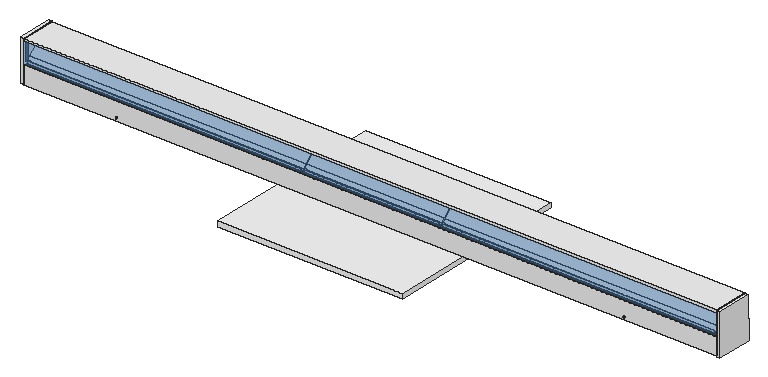
Revit family "BE_50807.1_de_DE", category Leuchten, Revit 2020 (continued)
Definition of nested family "BE_50807.1"
  Automatic sketch dimensions
    Extrusion 154 sketch curve to Extrusion 154 sketch curve = 0.739 mm  (x2)
    Extrusion 154 sketch curve to Extrusion 154 sketch curve = 27.233 mm
    Extrusion 155 sketch curve to Extrusion 155 sketch curve = 0.269 mm  (x2)
    Extrusion 155 sketch curve to Extrusion 155 sketch curve = 2.819 mm  (x2)
    Extrusion 155 sketch curve to Extrusion 155 sketch curve = 0 mm
    Extrusion 155 sketch curve to Extrusion 155 sketch curve = 0.739 mm  (x2)
    Extrusion 155 sketch curve to Extrusion 155 sketch curve = 27.233 mm
    Extrusion 156 sketch curve to Extrusion 156 sketch curve = 0.269 mm  (x2)
    Extrusion 156 sketch curve to Extrusion 156 sketch curve = 2.819 mm  (x2)
    Extrusion 156 sketch curve to Extrusion 156 sketch curve = 0 mm
    Extrusion 156 sketch curve to Extrusion 156 sketch curve = 0.739 mm  (x2)
    Extrusion 156 sketch curve to Extrusion 156 sketch curve = 27.233 mm
    Extrusion 157 sketch curve to Extrusion 157 sketch curve = 0.269 mm  (x2)
    Extrusion 157 sketch curve to Extrusion 157 sketch curve = 2.819 mm  (x2)
    Extrusion 157 sketch curve to Extrusion 157 sketch curve = 0 mm
    Extrusion 157 sketch curve to Extrusion 157 sketch curve = 0.739 mm  (x2)
    Extrusion 157 sketch curve to Extrusion 157 sketch curve = 27.233 mm
    Extrusion 158 sketch curve to Extrusion 158 sketch curve = 0.269 mm  (x2)
    Extrusion 158 sketch curve to Extrusion 158 sketch curve = 2.819 mm  (x2)
    Extrusion 158 sketch curve to Extrusion 158 sketch curve = 0 mm
    Extrusion 158 sketch curve to Extrusion 158 sketch curve = 0.739 mm  (x2)
    Extrusion 158 sketch curve to Extrusion 158 sketch curve = 27.233 mm
    Extrusion 159 sketch curve to Extrusion 159 sketch curve = 0.269 mm  (x2)
    Extrusion 159 sketch curve to Extrusion 159 sketch curve = 2.819 mm  (x2)
    Extrusion 159 sketch curve to Extrusion 159 sketch curve = 0 mm
    Extrusion 159 sketch curve to Extrusion 159 sketch curve = 0.739 mm  (x2)
    Extrusion 159 sketch curve to Extrusion 159 sketch curve = 27.233 mm
    Extrusion 160 sketch curve to Extrusion 160 sketch curve = 0.269 mm  (x2)
    Extrusion 160 sketch curve to Extrusion 160 sketch curve = 2.819 mm  (x2)
    Extrusion 160 sketch curve to Extrusion 160 sketch curve = 0 mm
    Extrusion 160 sketch curve to Extrusion 160 sketch curve = 0.739 mm  (x2)
    Extrusion 160 sketch curve to Extrusion 160 sketch curve = 27.233 mm
    Extrusion 161 sketch curve to Extrusion 161 sketch curve = 0.269 mm  (x2)
    Extrusion 161 sketch curve to Extrusion 161 sketch curve = 2.819 mm  (x2)
    Extrusion 161 sketch curve to Extrusion 161 sketch curve = 0 mm
    Extrusion 161 sketch curve to Extrusion 161 sketch curve = 0.739 mm  (x2)
    Extrusion 161 sketch curve to Extrusion 161 sketch curve = 27.233 mm
    Extrusion 162 sketch curve to Extrusion 162 sketch curve = 0.269 mm  (x2)
    Extrusion 162 sketch curve to Extrusion 162 sketch curve = 2.819 mm  (x2)
    Extrusion 162 sketch curve to Extrusion 162 sketch curve = 0 mm
    Extrusion 162 sketch curve to Extrusion 162 sketch curve = 0.739 mm  (x2)
    Extrusion 162 sketch curve to Extrusion 162 sketch curve = 27.233 mm
    Extrusion 163 sketch curve to Extrusion 163 sketch curve = 0.269 mm  (x2)
    Extrusion 163 sketch curve to Extrusion 163 sketch curve = 2.819 mm  (x2)
    Extrusion 163 sketch curve to Extrusion 163 sketch curve = 0 mm
    Extrusion 163 sketch curve to Extrusion 163 sketch curve = 0.739 mm  (x2)
    Extrusion 163 sketch curve to Extrusion 163 sketch curve = 27.233 mm
    Extrusion 164 sketch curve to Extrusion 164 sketch curve = 0.269 mm  (x2)
    Extrusion 164 sketch curve to Extrusion 164 sketch curve = 2.819 mm  (x2)
    Extrusion 164 sketch curve to Extrusion 164 sketch curve = 0 mm
    Extrusion 164 sketch curve to Extrusion 164 sketch curve = 0.739 mm  (x2)
    Extrusion 164 sketch curve to Extrusion 164 sketch curve = 27.233 mm
    Extrusion 165 sketch curve to Extrusion 165 sketch curve = 0.269 mm  (x2)
    Extrusion 165 sketch curve to Extrusion 165 sketch curve = 2.819 mm  (x2)
    Extrusion 165 sketch curve to Extrusion 165 sketch curve = 0 mm
    Extrusion 165 sketch curve to Extrusion 165 sketch curve = 0.739 mm  (x2)
    Extrusion 165 sketch curve to Extrusion 165 sketch curve = 27.233 mm
    Extrusion 166 sketch curve to Extrusion 166 sketch curve = 0.269 mm  (x2)
    Extrusion 166 sketch curve to Extrusion 166 sketch curve = 2.819 mm  (x2)
    Extrusion 166 sketch curve to Extrusion 166 sketch curve = 0 mm
    Extrusion 166 sketch curve to Extrusion 166 sketch curve = 0.739 mm  (x2)
    Extrusion 166 sketch curve to Extrusion 166 sketch curve = 27.233 mm
    Extrusion 167 sketch curve to Extrusion 167 sketch curve = 0.269 mm  (x2)
    Extrusion 167 sketch curve to Extrusion 167 sketch curve = 2.819 mm  (x2)
    Extrusion 167 sketch curve to Extrusion 167 sketch curve = 0 mm
    Extrusion 167 sketch curve to Extrusion 167 sketch curve = 0.739 mm  (x2)
    Extrusion 167 sketch curve to Extrusion 167 sketch curve = 27.233 mm
    Extrusion 168 sketch curve to Extrusion 168 sketch curve = 0.269 mm  (x2)
    Extrusion 168 sketch curve to Extrusion 168 sketch curve = 2.819 mm  (x2)
    Extrusion 168 sketch curve to Extrusion 168 sketch curve = 0 mm
    Extrusion 168 sketch curve to Extrusion 168 sketch curve = 0.739 mm  (x2)
    Extrusion 168 sketch curve to Extrusion 168 sketch curve = 27.233 mm
    Extrusion 169 sketch curve to Extrusion 169 sketch curve = 0.269 mm  (x2)
    Extrusion 169 sketch curve to Extrusion 169 sketch curve = 2.819 mm  (x2)
    Extrusion 169 sketch curve to Extrusion 169 sketch curve = 0 mm
    Extrusion 169 sketch curve to Extrusion 169 sketch curve = 0.739 mm  (x2)
    Extrusion 169 sketch curve to Extrusion 169 sketch curve = 27.233 mm
    Extrusion 170 sketch curve to Extrusion 170 sketch curve = 0.269 mm  (x2)
    Extrusion 170 sketch curve to Extrusion 170 sketch curve = 2.819 mm  (x2)
    Extrusion 170 sketch curve to Extrusion 170 sketch curve = 0 mm
    Extrusion 170 sketch curve to Extrusion 170 sketch curve = 0.739 mm  (x2)
    Extrusion 170 sketch curve to Extrusion 170 sketch curve = 27.233 mm
    Extrusion 171 sketch curve to Extrusion 171 sketch curve = 0.269 mm  (x2)
    Extrusion 171 sketch curve to Extrusion 171 sketch curve = 2.819 mm  (x2)
    Extrusion 171 sketch curve to Extrusion 171 sketch curve = 0 mm
    Extrusion 171 sketch curve to Extrusion 171 sketch curve = 0.739 mm  (x2)
    Extrusion 171 sketch curve to Extrusion 171 sketch curve = 27.233 mm
    Extrusion 172 sketch curve to Extrusion 172 sketch curve = 0.269 mm  (x2)
    Extrusion 172 sketch curve to Extrusion 172 sketch curve = 2.819 mm  (x2)
    Extrusion 172 sketch curve to Extrusion 172 sketch curve = 0 mm
    Extrusion 172 sketch curve to Extrusion 172 sketch curve = 0.739 mm  (x2)
    Extrusion 172 sketch curve to Extrusion 172 sketch curve = 27.233 mm
    Extrusion 173 sketch curve to Extrusion 173 sketch curve = 0.269 mm  (x2)
    Extrusion 173 sketch curve to Extrusion 173 sketch curve = 2.819 mm  (x2)
    Extrusion 173 sketch curve to Extrusion 173 sketch curve = 0 mm
    Extrusion 173 sketch curve to Extrusion 173 sketch curve = 0.739 mm  (x2)
    Extrusion 173 sketch curve to Extrusion 173 sketch curve = 27.233 mm
    Extrusion 174 sketch curve to Extrusion 174 sketch curve = 0.269 mm  (x2)
    Extrusion 174 sketch curve to Extrusion 174 sketch curve = 2.819 mm  (x2)
    Extrusion 174 sketch curve to Extrusion 174 sketch curve = 0 mm
    Extrusion 174 sketch curve to Extrusion 174 sketch curve = 0.739 mm  (x2)
    Extrusion 174 sketch curve to Extrusion 174 sketch curve = 27.233 mm
    Extrusion 175 sketch curve to Extrusion 175 sketch curve = 0.269 mm  (x2)
    Extrusion 175 sketch curve to Extrusion 175 sketch curve = 2.819 mm  (x2)
    Extrusion 175 sketch curve to Extrusion 175 sketch curve = 0 mm
    Extrusion 175 sketch curve to Extrusion 175 sketch curve = 0.739 mm  (x2)
    Extrusion 175 sketch curve to Extrusion 175 sketch curve = 27.233 mm
    Extrusion 176 sketch curve to Extrusion 176 sketch curve = 0.269 mm  (x2)
    Extrusion 176 sketch curve to Extrusion 176 sketch curve = 2.819 mm  (x2)
    Extrusion 176 sketch curve to Extrusion 176 sketch curve = 0 mm
    Extrusion 176 sketch curve to Extrusion 176 sketch curve = 0.739 mm  (x2)
    Extrusion 176 sketch curve to Extrusion 176 sketch curve = 27.233 mm
    Extrusion 177 sketch curve to Extrusion 177 sketch curve = 0.269 mm  (x2)
    Extrusion 177 sketch curve to Extrusion 177 sketch curve = 2.819 mm  (x2)
    Extrusion 177 sketch curve to Extrusion 177 sketch curve = 0 mm
    Extrusion 177 sketch curve to Extrusion 177 sketch curve = 0.739 mm  (x2)
    Extrusion 177 sketch curve to Extrusion 177 sketch curve = 27.233 mm
    Extrusion 178 sketch curve to Extrusion 178 sketch curve = 0.269 mm  (x2)
    Extrusion 178 sketch curve to Extrusion 178 sketch curve = 2.819 mm  (x2)
    Extrusion 178 sketch curve to Extrusion 178 sketch curve = 0 mm
    Extrusion 178 sketch curve to Extrusion 178 sketch curve = 0.739 mm  (x2)
    Extrusion 178 sketch curve to Extrusion 178 sketch curve = 27.233 mm
    Extrusion 179 sketch curve to Extrusion 179 sketch curve = 0.269 mm  (x2)
    Extrusion 179 sketch curve to Extrusion 179 sketch curve = 2.819 mm  (x2)
    Extrusion 179 sketch curve to Extrusion 179 sketch curve = 0 mm
    Extrusion 179 sketch curve to Extrusion 179 sketch curve = 0.739 mm  (x2)
    Extrusion 179 sketch curve to Extrusion 179 sketch curve = 27.233 mm
    Extrusion 180 sketch curve to Extrusion 180 sketch curve = 0.269 mm  (x2)
    Extrusion 180 sketch curve to Extrusion 180 sketch curve = 2.819 mm  (x2)
    Extrusion 180 sketch curve to Extrusion 180 sketch curve = 0 mm
    Extrusion 180 sketch curve to Extrusion 180 sketch curve = 0.739 mm  (x2)
    Extrusion 180 sketch curve to Extrusion 180 sketch curve = 27.233 mm
    Extrusion 181 sketch curve to Extrusion 181 sketch curve = 0.269 mm  (x2)
    Extrusion 181 sketch curve to Extrusion 181 sketch curve = 2.819 mm  (x2)
    Extrusion 181 sketch curve to Extrusion 181 sketch curve = 0 mm
    Extrusion 181 sketch curve to Extrusion 181 sketch curve = 0.739 mm  (x2)
    Extrusion 181 sketch curve to Extrusion 181 sketch curve = 27.233 mm
    Extrusion 182 sketch curve to Extrusion 182 sketch curve = 0.269 mm  (x2)
    Extrusion 182 sketch curve to Extrusion 182 sketch curve = 2.819 mm  (x2)
    Extrusion 182 sketch curve to Extrusion 182 sketch curve = 0 mm
    Extrusion 182 sketch curve to Extrusion 182 sketch curve = 0.739 mm  (x2)
    Extrusion 182 sketch curve to Extrusion 182 sketch curve = 27.233 mm
    Extrusion 183 sketch curve to Extrusion 183 sketch curve = 0.269 mm  (x2)
    Extrusion 183 sketch curve to Extrusion 183 sketch curve = 2.819 mm  (x2)
    Extrusion 183 sketch curve to Extrusion 183 sketch curve = 0 mm
    Extrusion 183 sketch curve to Extrusion 183 sketch curve = 0.739 mm  (x2)
    Extrusion 183 sketch curve to Extrusion 183 sketch curve = 27.233 mm
    Extrusion 184 sketch curve to Extrusion 184 sketch curve = 0.269 mm  (x2)
    Extrusion 184 sketch curve to Extrusion 184 sketch curve = 2.819 mm  (x2)
    Extrusion 184 sketch curve to Extrusion 184 sketch curve = 0 mm
    Extrusion 184 sketch curve to Extrusion 184 sketch curve = 0.739 mm  (x2)
    Extrusion 184 sketch curve to Extrusion 184 sketch curve = 27.233 mm
    Extrusion 185 sketch curve to Extrusion 185 sketch curve = 0.269 mm  (x2)
    Extrusion 185 sketch curve to Extrusion 185 sketch curve = 2.819 mm  (x2)
    Extrusion 185 sketch curve to Extrusion 185 sketch curve = 0 mm
    Extrusion 185 sketch curve to Extrusion 185 sketch curve = 0.739 mm  (x2)
    Extrusion 185 sketch curve to Extrusion 185 sketch curve = 27.233 mm
    Extrusion 186 sketch curve to Extrusion 186 sketch curve = 0.269 mm  (x2)
    Extrusion 186 sketch curve to Extrusion 186 sketch curve = 2.819 mm  (x2)
    Extrusion 186 sketch curve to Extrusion 186 sketch curve = 0 mm
    Extrusion 186 sketch curve to Extrusion 186 sketch curve = 0.739 mm  (x2)
    Extrusion 186 sketch curve to Extrusion 186 sketch curve = 27.233 mm
    Extrusion 187 sketch curve to Extrusion 187 sketch curve = 0.269 mm  (x2)
    Extrusion 187 sketch curve to Extrusion 187 sketch curve = 2.819 mm  (x2)
    Extrusion 187 sketch curve to Extrusion 187 sketch curve = 0 mm
    Extrusion 187 sketch curve to Extrusion 187 sketch curve = 0.739 mm  (x2)
    Extrusion 187 sketch curve to Extrusion 187 sketch curve = 27.233 mm
    Extrusion 188 sketch curve to Extrusion 188 sketch curve = 0.269 mm  (x2)
    Extrusion 188 sketch curve to Extrusion 188 sketch curve = 2.819 mm  (x2)
    Extrusion 188 sketch curve to Extrusion 188 sketch curve = 0 mm
    Extrusion 188 sketch curve to Extrusion 188 sketch curve = 0.739 mm  (x2)
    Extrusion 188 sketch curve to Extrusion 188 sketch curve = 27.233 mm
    Extrusion 189 sketch curve to Extrusion 189 sketch curve = 0.269 mm  (x2)
    Extrusion 189 sketch curve to Extrusion 189 sketch curve = 2.819 mm  (x2)
    Extrusion 189 sketch curve to Extrusion 189 sketch curve = 0 mm
    Extrusion 189 sketch curve to Extrusion 189 sketch curve = 0.739 mm  (x2)
    Extrusion 189 sketch curve to Extrusion 189 sketch curve = 27.233 mm
    Extrusion 190 sketch curve to Extrusion 190 sketch curve = 0.269 mm  (x2)
    Extrusion 190 sketch curve to Extrusion 190 sketch curve = 2.819 mm  (x2)
    Extrusion 190 sketch curve to Extrusion 190 sketch curve = 0 mm
    Extrusion 190 sketch curve to Extrusion 190 sketch curve = 0.739 mm  (x2)
    Extrusion 190 sketch curve to Extrusion 190 sketch curve = 27.233 mm
    Extrusion 191 sketch curve to Extrusion 191 sketch curve = 0.269 mm  (x2)
    Extrusion 191 sketch curve to Extrusion 191 sketch curve = 2.819 mm  (x2)
    Extrusion 191 sketch curve to Extrusion 191 sketch curve = 0 mm
    Extrusion 191 sketch curve to Extrusion 191 sketch curve = 0.739 mm  (x2)
    Extrusion 191 sketch curve to Extrusion 191 sketch curve = 27.233 mm
    Extrusion 192 sketch curve to Extrusion 192 sketch curve = 0.269 mm  (x2)
    Extrusion 192 sketch curve to Extrusion 192 sketch curve = 2.819 mm  (x2)
    Extrusion 192 sketch curve to Extrusion 192 sketch curve = 0 mm
    Extrusion 192 sketch curve to Extrusion 192 sketch curve = 0.739 mm  (x2)
    Extrusion 192 sketch curve to Extrusion 192 sketch curve = 27.233 mm
    Extrusion 193 sketch curve to Extrusion 193 sketch curve = 0.269 mm  (x2)
    Extrusion 193 sketch curve to Extrusion 193 sketch curve = 2.819 mm  (x2)
    Extrusion 193 sketch curve to Extrusion 193 sketch curve = 0 mm
    Extrusion 193 sketch curve to Extrusion 193 sketch curve = 0.739 mm  (x2)
    Extrusion 193 sketch curve to Extrusion 193 sketch curve = 27.233 mm
    Extrusion 194 sketch curve to Extrusion 194 sketch curve = 0.269 mm  (x2)
    Extrusion 194 sketch curve to Extrusion 194 sketch curve = 2.819 mm  (x2)
    Extrusion 194 sketch curve to Extrusion 194 sketch curve = 0 mm
    Extrusion 194 sketch curve to Extrusion 194 sketch curve = 0.739 mm  (x2)
    Extrusion 194 sketch curve to Extrusion 194 sketch curve = 27.233 mm
    Extrusion 195 sketch curve to Extrusion 195 sketch curve = 0.269 mm  (x2)
    Extrusion 195 sketch curve to Extrusion 195 sketch curve = 2.819 mm  (x2)
    Extrusion 195 sketch curve to Extrusion 195 sketch curve = 0 mm
    Extrusion 195 sketch curve to Extrusion 195 sketch curve = 0.739 mm  (x2)
    Extrusion 195 sketch curve to Extrusion 195 sketch curve = 27.233 mm
    Extrusion 196 sketch curve to Extrusion 196 sketch curve = 0.269 mm  (x2)
    Extrusion 196 sketch curve to Extrusion 196 sketch curve = 2.819 mm  (x2)
    Extrusion 196 sketch curve to Extrusion 196 sketch curve = 0 mm
    Extrusion 196 sketch curve to Extrusion 196 sketch curve = 0.739 mm  (x2)
    Extrusion 196 sketch curve to Extrusion 196 sketch curve = 27.233 mm
    Extrusion 197 sketch curve to Extrusion 197 sketch curve = 0.269 mm  (x2)
    Extrusion 197 sketch curve to Extrusion 197 sketch curve = 2.819 mm  (x2)
    Extrusion 197 sketch curve to Extrusion 197 sketch curve = 0 mm
    Extrusion 197 sketch curve to Extrusion 197 sketch curve = 0.739 mm  (x2)
    Extrusion 197 sketch curve to Extrusion 197 sketch curve = 27.233 mm
    Extrusion 198 sketch curve to Extrusion 198 sketch curve = 0.269 mm  (x2)
    Extrusion 198 sketch curve to Extrusion 198 sketch curve = 2.819 mm  (x2)
    Extrusion 198 sketch curve to Extrusion 198 sketch curve = 0 mm
    Extrusion 198 sketch curve to Extrusion 198 sketch curve = 0.739 mm  (x2)
    Extrusion 198 sketch curve to Extrusion 198 sketch curve = 27.233 mm
    Extrusion 199 sketch curve to Extrusion 199 sketch curve = 0.269 mm  (x2)
    Extrusion 199 sketch curve to Extrusion 199 sketch curve = 2.819 mm  (x2)
    Extrusion 199 sketch curve to Extrusion 199 sketch curve = 0 mm
    Extrusion 199 sketch curve to Extrusion 199 sketch curve = 0.739 mm  (x2)
    Extrusion 199 sketch curve to Extrusion 199 sketch curve = 27.233 mm
    Extrusion 200 sketch curve to Extrusion 200 sketch curve = 0.269 mm  (x2)
    Extrusion 200 sketch curve to Extrusion 200 sketch curve = 2.819 mm  (x2)
    Extrusion 200 sketch curve to Extrusion 200 sketch curve = 0 mm
    Extrusion 200 sketch curve to Extrusion 200 sketch curve = 0.739 mm  (x2)
    Extrusion 200 sketch curve to Extrusion 200 sketch curve = 27.233 mm
    Extrusion 201 sketch curve to Extrusion 201 sketch curve = 0.269 mm  (x2)
    Extrusion 201 sketch curve to Extrusion 201 sketch curve = 2.819 mm  (x2)
    Extrusion 201 sketch curve to Extrusion 201 sketch curve = 0 mm
    Extrusion 201 sketch curve to Extrusion 201 sketch curve = 0.739 mm  (x2)
    Extrusion 201 sketch curve to Extrusion 201 sketch curve = 27.233 mm
    Extrusion 202 sketch curve to Extrusion 202 sketch curve = 0.269 mm  (x2)
    Extrusion 202 sketch curve to Extrusion 202 sketch curve = 2.819 mm  (x2)
    Extrusion 202 sketch curve to Extrusion 202 sketch curve = 0 mm
    Extrusion 202 sketch curve to Extrusion 202 sketch curve = 0.739 mm  (x2)
    Extrusion 202 sketch curve to Extrusion 202 sketch curve = 27.233 mm
    Extrusion 203 sketch curve to Extrusion 203 sketch curve = 0.269 mm  (x2)
    Extrusion 203 sketch curve to Extrusion 203 sketch curve = 2.819 mm  (x2)
    Extrusion 203 sketch curve to Extrusion 203 sketch curve = 0 mm
    Extrusion 203 sketch curve to Extrusion 203 sketch curve = 0.739 mm  (x2)
    Extrusion 203 sketch curve to Extrusion 203 sketch curve = 27.233 mm
    Extrusion 204 sketch curve to Extrusion 204 sketch curve = 0.269 mm  (x2)
    Extrusion 204 sketch curve to Extrusion 204 sketch curve = 2.819 mm  (x2)
    Extrusion 204 sketch curve to Extrusion 204 sketch curve = 0 mm
    Extrusion 204 sketch curve to Extrusion 204 sketch curve = 0.739 mm  (x2)
    Extrusion 204 sketch curve to Extrusion 204 sketch curve = 27.233 mm
    Extrusion 205 sketch curve to Extrusion 205 sketch curve = 0.269 mm  (x2)
    Extrusion 205 sketch curve to Extrusion 205 sketch curve = 2.819 mm  (x2)
    Extrusion 205 sketch curve to Extrusion 205 sketch curve = 0 mm
    Extrusion 205 sketch curve to Extrusion 205 sketch curve = 0.739 mm  (x2)
    Extrusion 205 sketch curve to Extrusion 205 sketch curve = 27.233 mm
    Extrusion 206 sketch curve to Extrusion 206 sketch curve = 0.269 mm  (x2)
    Extrusion 206 sketch curve to Extrusion 206 sketch curve = 2.819 mm  (x2)
    Extrusion 206 sketch curve to Extrusion 206 sketch curve = 0 mm
    Extrusion 206 sketch curve to Extrusion 206 sketch curve = 0.739 mm  (x2)
    Extrusion 206 sketch curve to Extrusion 206 sketch curve = 27.233 mm
    Extrusion 207 sketch curve to Extrusion 207 sketch curve = 0.269 mm  (x2)
    Extrusion 207 sketch curve to Extrusion 207 sketch curve = 2.819 mm  (x2)
    Extrusion 207 sketch curve to Extrusion 207 sketch curve = 0 mm
    Extrusion 207 sketch curve to Extrusion 207 sketch curve = 0.739 mm  (x2)
    Extrusion 207 sketch curve to Extrusion 207 sketch curve = 27.233 mm
    Extrusion 208 sketch curve to Extrusion 208 sketch curve = 0.269 mm  (x2)
    Extrusion 208 sketch curve to Extrusion 208 sketch curve = 2.819 mm  (x2)
    Extrusion 208 sketch curve to Extrusion 208 sketch curve = 0 mm
    Extrusion 208 sketch curve to Extrusion 208 sketch curve = 0.739 mm  (x2)
    Extrusion 208 sketch curve to Extrusion 208 sketch curve = 27.233 mm
    Extrusion 209 sketch curve to Extrusion 209 sketch curve = 0.269 mm  (x2)
    Extrusion 209 sketch curve to Extrusion 209 sketch curve = 2.819 mm  (x2)
    Extrusion 209 sketch curve to Extrusion 209 sketch curve = 0 mm
    Extrusion 209 sketch curve to Extrusion 209 sketch curve = 0.739 mm  (x2)
    Extrusion 209 sketch curve to Extrusion 209 sketch curve = 27.233 mm
    Extrusion 210 sketch curve to Extrusion 210 sketch curve = 0.269 mm  (x2)
    Extrusion 210 sketch curve to Extrusion 210 sketch curve = 2.819 mm  (x2)
    Extrusion 210 sketch curve to Extrusion 210 sketch curve = 0 mm
    Extrusion 210 sketch curve to Extrusion 210 sketch curve = 0.739 mm  (x2)
    Extrusion 210 sketch curve to Extrusion 210 sketch curve = 27.233 mm
    Extrusion 211 sketch curve to Extrusion 211 sketch curve = 0.269 mm  (x2)
    Extrusion 211 sketch curve to Extrusion 211 sketch curve = 2.819 mm  (x2)
    Extrusion 211 sketch curve to Extrusion 211 sketch curve = 0 mm
    Extrusion 211 sketch curve to Extrusion 211 sketch curve = 0.739 mm  (x2)
    Extrusion 211 sketch curve to Extrusion 211 sketch curve = 27.233 mm
    Extrusion 212 sketch curve to Extrusion 212 sketch curve = 0.269 mm  (x2)
    Extrusion 212 sketch curve to Extrusion 212 sketch curve = 2.819 mm  (x2)
    Extrusion 212 sketch curve to Extrusion 212 sketch curve = 0 mm
    Extrusion 212 sketch curve to Extrusion 212 sketch curve = 0.739 mm  (x2)
    Extrusion 212 sketch curve to Extrusion 212 sketch curve = 27.233 mm
    Extrusion 213 sketch curve to Extrusion 213 sketch curve = 0.269 mm  (x2)
    Extrusion 213 sketch curve to Extrusion 213 sketch curve = 2.819 mm  (x2)
    Extrusion 213 sketch curve to Extrusion 213 sketch curve = 0 mm
    Extrusion 213 sketch curve to Extrusion 213 sketch curve = 0.739 mm  (x2)
    Extrusion 213 sketch curve to Extrusion 213 sketch curve = 27.233 mm
    Extrusion 214 sketch curve to Extrusion 214 sketch curve = 0.269 mm  (x2)
    Extrusion 214 sketch curve to Extrusion 214 sketch curve = 2.819 mm  (x2)
    Extrusion 214 sketch curve to Extrusion 214 sketch curve = 0 mm
    Extrusion 214 sketch curve to Extrusion 214 sketch curve = 0.739 mm  (x2)
    Extrusion 214 sketch curve to Extrusion 214 sketch curve = 27.233 mm
    Extrusion 215 sketch curve to Extrusion 215 sketch curve = 0.269 mm  (x2)
    Extrusion 215 sketch curve to Extrusion 215 sketch curve = 2.819 mm  (x2)
    Extrusion 215 sketch curve to Extrusion 215 sketch curve = 0 mm
    Extrusion 215 sketch curve to Extrusion 215 sketch curve = 0.739 mm  (x2)
    Extrusion 215 sketch curve to Extrusion 215 sketch curve = 27.233 mm
    Extrusion 216 sketch curve to Extrusion 216 sketch curve = 0.269 mm  (x2)
    Extrusion 216 sketch curve to Extrusion 216 sketch curve = 2.819 mm  (x2)
    Extrusion 216 sketch curve to Extrusion 216 sketch curve = 0 mm
    Extrusion 216 sketch curve to Extrusion 216 sketch curve = 0.739 mm  (x2)
    Extrusion 216 sketch curve to Extrusion 216 sketch curve = 27.233 mm
    Extrusion 217 sketch curve to Extrusion 217 sketch curve = 0.269 mm  (x2)
    Extrusion 217 sketch curve to Extrusion 217 sketch curve = 2.819 mm  (x2)
    Extrusion 217 sketch curve to Extrusion 217 sketch curve = 0 mm
    Extrusion 217 sketch curve to Extrusion 217 sketch curve = 0.739 mm  (x2)
    Extrusion 217 sketch curve to Extrusion 217 sketch curve = 27.233 mm
    Extrusion 218 sketch curve to Extrusion 218 sketch curve = 0.269 mm  (x2)
    Extrusion 218 sketch curve to Extrusion 218 sketch curve = 2.819 mm  (x2)
    Extrusion 218 sketch curve to Extrusion 218 sketch curve = 0 mm
    Extrusion 218 sketch curve to Extrusion 218 sketch curve = 0.739 mm  (x2)
    Extrusion 218 sketch curve to Extrusion 218 sketch curve = 27.233 mm
    Extrusion 219 sketch curve to Extrusion 219 sketch curve = 0.269 mm  (x2)
    Extrusion 219 sketch curve to Extrusion 219 sketch curve = 2.819 mm  (x2)
    Extrusion 219 sketch curve to Extrusion 219 sketch curve = 0 mm
    Extrusion 219 sketch curve to Extrusion 219 sketch curve = 0.739 mm  (x2)
    Extrusion 219 sketch curve to Extrusion 219 sketch curve = 27.233 mm
    Extrusion 220 sketch curve to Extrusion 220 sketch curve = 0.269 mm  (x2)
    Extrusion 220 sketch curve to Extrusion 220 sketch curve = 2.819 mm  (x2)
    Extrusion 220 sketch curve to Extrusion 220 sketch curve = 0 mm
    Extrusion 220 sketch curve to Extrusion 220 sketch curve = 0.739 mm  (x2)
    Extrusion 220 sketch curve to Extrusion 220 sketch curve = 27.233 mm
    Extrusion 221 sketch curve to Extrusion 221 sketch curve = 0.269 mm  (x2)
    Extrusion 221 sketch curve to Extrusion 221 sketch curve = 2.819 mm  (x2)
    Extrusion 221 sketch curve to Extrusion 221 sketch curve = 0 mm
    Extrusion 221 sketch curve to Extrusion 221 sketch curve = 0.739 mm  (x2)
    Extrusion 221 sketch curve to Extrusion 221 sketch curve = 27.233 mm
    Extrusion 222 sketch curve to Extrusion 222 sketch curve = 0.269 mm  (x2)
    Extrusion 222 sketch curve to Extrusion 222 sketch curve = 2.819 mm  (x2)
    Extrusion 222 sketch curve to Extrusion 222 sketch curve = 0 mm
    Extrusion 222 sketch curve to Extrusion 222 sketch curve = 0.739 mm  (x2)
    Extrusion 222 sketch curve to Extrusion 222 sketch curve = 27.233 mm
    Extrusion 223 sketch curve to Extrusion 223 sketch curve = 0.269 mm  (x2)
    Extrusion 223 sketch curve to Extrusion 223 sketch curve = 2.819 mm  (x2)
    Extrusion 223 sketch curve to Extrusion 223 sketch curve = 0 mm
    Extrusion 223 sketch curve to Extrusion 223 sketch curve = 0.739 mm  (x2)
    Extrusion 223 sketch curve to Extrusion 223 sketch curve = 27.233 mm
    Extrusion 224 sketch curve to Extrusion 224 sketch curve = 0.269 mm  (x2)
    Extrusion 224 sketch curve to Extrusion 224 sketch curve = 2.819 mm  (x2)
    Extrusion 224 sketch curve to Extrusion 224 sketch curve = 0 mm
    Extrusion 224 sketch curve to Extrusion 224 sketch curve = 0.739 mm  (x2)
    Extrusion 224 sketch curve to Extrusion 224 sketch curve = 27.233 mm
    Extrusion 225 sketch curve to Extrusion 225 sketch curve = 0.269 mm  (x2)
    Extrusion 225 sketch curve to Extrusion 225 sketch curve = 2.819 mm  (x2)
    Extrusion 225 sketch curve to Extrusion 225 sketch curve = 0 mm
    Extrusion 225 sketch curve to Extrusion 225 sketch curve = 0.739 mm  (x2)
    Extrusion 225 sketch curve to Extrusion 225 sketch curve = 27.233 mm
    Extrusion 226 sketch curve to Extrusion 226 sketch curve = 0.269 mm  (x2)
    Extrusion 226 sketch curve to Extrusion 226 sketch curve = 2.819 mm  (x2)
    Extrusion 226 sketch curve to Extrusion 226 sketch curve = 0 mm
    Extrusion 226 sketch curve to Extrusion 226 sketch curve = 0.739 mm  (x2)
    Extrusion 226 sketch curve to Extrusion 226 sketch curve = 27.233 mm
    Extrusion 227 sketch curve to Extrusion 227 sketch curve = 0.269 mm  (x2)
    Extrusion 227 sketch curve to Extrusion 227 sketch curve = 2.819 mm  (x2)
    Extrusion 227 sketch curve to Extrusion 227 sketch curve = 0 mm
    Extrusion 227 sketch curve to Extrusion 227 sketch curve = 0.739 mm  (x2)
    Extrusion 227 sketch curve to Extrusion 227 sketch curve = 27.233 mm
    Extrusion 228 sketch curve to Extrusion 228 sketch curve = 0.269 mm  (x2)
    Extrusion 228 sketch curve to Extrusion 228 sketch curve = 2.819 mm  (x2)
    Extrusion 228 sketch curve to Extrusion 228 sketch curve = 0 mm
    Extrusion 228 sketch curve to Extrusion 228 sketch curve = 0.739 mm  (x2)
    Extrusion 228 sketch curve to Extrusion 228 sketch curve = 27.233 mm
    Extrusion 229 sketch curve to Extrusion 229 sketch curve = 0.269 mm  (x2)
    Extrusion 229 sketch curve to Extrusion 229 sketch curve = 2.819 mm  (x2)
    Extrusion 229 sketch curve to Extrusion 229 sketch curve = 0 mm
    Extrusion 229 sketch curve to Extrusion 229 sketch curve = 0.739 mm  (x2)
    Extrusion 229 sketch curve to Extrusion 229 sketch curve = 27.233 mm
    Extrusion 230 sketch curve to Extrusion 230 sketch curve = 0.269 mm  (x2)
    Extrusion 230 sketch curve to Extrusion 230 sketch curve = 2.819 mm  (x2)
    Extrusion 230 sketch curve to Extrusion 230 sketch curve = 0 mm
    Extrusion 230 sketch curve to Extrusion 230 sketch curve = 0.739 mm  (x2)
    Extrusion 230 sketch curve to Extrusion 230 sketch curve = 27.233 mm
    Extrusion 231 sketch curve to Extrusion 231 sketch curve = 0.269 mm  (x2)
    Extrusion 231 sketch curve to Extrusion 231 sketch curve = 2.819 mm  (x2)
    Extrusion 231 sketch curve to Extrusion 231 sketch curve = 0 mm
    Extrusion 231 sketch curve to Extrusion 231 sketch curve = 0.739 mm  (x2)
    Extrusion 231 sketch curve to Extrusion 231 sketch curve = 27.233 mm
    Extrusion 232 sketch curve to Extrusion 232 sketch curve = 0.269 mm  (x2)
    Extrusion 232 sketch curve to Extrusion 232 sketch curve = 2.819 mm  (x2)
    Extrusion 232 sketch curve to Extrusion 232 sketch curve = 0 mm
    Extrusion 232 sketch curve to Extrusion 232 sketch curve = 0.739 mm  (x2)
    Extrusion 232 sketch curve to Extrusion 232 sketch curve = 27.233 mm
    Extrusion 233 sketch curve to Extrusion 233 sketch curve = 0.269 mm  (x2)
    Extrusion 233 sketch curve to Extrusion 233 sketch curve = 2.819 mm  (x2)
    Extrusion 233 sketch curve to Extrusion 233 sketch curve = 0 mm
    Extrusion 233 sketch curve to Extrusion 233 sketch curve = 0.739 mm  (x2)
    Extrusion 233 sketch curve to Extrusion 233 sketch curve = 27.233 mm
    Extrusion 234 sketch curve to Extrusion 234 sketch curve = 0.269 mm  (x2)
    Extrusion 234 sketch curve to Extrusion 234 sketch curve = 2.819 mm  (x2)
    Extrusion 234 sketch curve to Extrusion 234 sketch curve = 0 mm
    Extrusion 234 sketch curve to Extrusion 234 sketch curve = 0.739 mm  (x2)
    Extrusion 234 sketch curve to Extrusion 234 sketch curve = 27.233 mm
    Extrusion 235 sketch curve to Extrusion 235 sketch curve = 0.269 mm  (x2)
    Extrusion 235 sketch curve to Extrusion 235 sketch curve = 2.819 mm  (x2)
    Extrusion 235 sketch curve to Extrusion 235 sketch curve = 0 mm
    Extrusion 235 sketch curve to Extrusion 235 sketch curve = 0.739 mm  (x2)
    Extrusion 235 sketch curve to Extrusion 235 sketch curve = 27.233 mm
    Extrusion 236 sketch curve to Extrusion 236 sketch curve = 0.269 mm  (x2)
    Extrusion 236 sketch curve to Extrusion 236 sketch curve = 2.819 mm  (x2)
    Extrusion 236 sketch curve to Extrusion 236 sketch curve = 0 mm
    Extrusion 236 sketch curve to Extrusion 236 sketch curve = 0.739 mm  (x2)
    Extrusion 236 sketch curve to Extrusion 236 sketch curve = 27.233 mm
    Extrusion 237 sketch curve to Extrusion 237 sketch curve = 0.269 mm  (x2)
    Extrusion 237 sketch curve to Extrusion 237 sketch curve = 2.819 mm  (x2)
    Extrusion 237 sketch curve to Extrusion 237 sketch curve = 0 mm
    Extrusion 237 sketch curve to Extrusion 237 sketch curve = 0.739 mm  (x2)
    Extrusion 237 sketch curve to Extrusion 237 sketch curve = 27.233 mm
    Extrusion 238 sketch curve to Extrusion 238 sketch curve = 0.269 mm  (x2)
    Extrusion 238 sketch curve to Extrusion 238 sketch curve = 2.819 mm  (x2)
    Extrusion 238 sketch curve to Extrusion 238 sketch curve = 0 mm
    Extrusion 238 sketch curve to Extrusion 238 sketch curve = 0.739 mm  (x2)
    Extrusion 238 sketch curve to Extrusion 238 sketch curve = 27.233 mm
    Extrusion 239 sketch curve to Extrusion 239 sketch curve = 0.269 mm  (x2)
    Extrusion 239 sketch curve to Extrusion 239 sketch curve = 2.819 mm  (x2)
    Extrusion 239 sketch curve to Extrusion 239 sketch curve = 0 mm
    Extrusion 239 sketch curve to Extrusion 239 sketch curve = 0.739 mm  (x2)
    Extrusion 239 sketch curve to Extrusion 239 sketch curve = 27.233 mm
    Extrusion 240 sketch curve to Extrusion 240 sketch curve = 0.269 mm  (x2)
    Extrusion 240 sketch curve to Extrusion 240 sketch curve = 2.819 mm  (x2)
    Extrusion 240 sketch curve to Extrusion 240 sketch curve = 0 mm
    Extrusion 240 sketch curve to Extrusion 240 sketch curve = 0.739 mm  (x2)
    Extrusion 240 sketch curve to Extrusion 240 sketch curve = 27.233 mm
    Extrusion 241 sketch curve to Extrusion 241 sketch curve = 0.269 mm  (x2)
    Extrusion 241 sketch curve to Extrusion 241 sketch curve = 2.819 mm  (x2)
    Extrusion 241 sketch curve to Extrusion 241 sketch curve = 0 mm
    Extrusion 241 sketch curve to Extrusion 241 sketch curve = 0.739 mm  (x2)
    Extrusion 241 sketch curve to Extrusion 241 sketch curve = 27.233 mm
    Extrusion 242 sketch curve to Extrusion 242 sketch curve = 0.269 mm  (x2)
    Extrusion 242 sketch curve to Extrusion 242 sketch curve = 2.819 mm  (x2)
    Extrusion 242 sketch curve to Extrusion 242 sketch curve = 0 mm
    Extrusion 242 sketch curve to Extrusion 242 sketch curve = 0.739 mm  (x2)
    Extrusion 242 sketch curve to Extrusion 242 sketch curve = 27.233 mm
    Extrusion 243 sketch curve to Extrusion 243 sketch curve = 0.269 mm  (x2)
    Extrusion 243 sketch curve to Extrusion 243 sketch curve = 2.819 mm  (x2)
    Extrusion 243 sketch curve to Extrusion 243 sketch curve = 0 mm
    Extrusion 243 sketch curve to Extrusion 243 sketch curve = 0.739 mm  (x2)
    Extrusion 243 sketch curve to Extrusion 243 sketch curve = 27.233 mm
    Extrusion 244 sketch curve to Extrusion 244 sketch curve = 0.269 mm  (x2)
    Extrusion 244 sketch curve to Extrusion 244 sketch curve = 2.819 mm  (x2)
    Extrusion 244 sketch curve to Extrusion 244 sketch curve = 0 mm
    Extrusion 244 sketch curve to Extrusion 244 sketch curve = 0.739 mm  (x2)
    Extrusion 244 sketch curve to Extrusion 244 sketch curve = 27.233 mm
    Extrusion 245 sketch curve to Extrusion 245 sketch curve = 0.269 mm  (x2)
    Extrusion 245 sketch curve to Extrusion 245 sketch curve = 2.819 mm  (x2)
    Extrusion 245 sketch curve to Extrusion 245 sketch curve = 0 mm
    Extrusion 245 sketch curve to Extrusion 245 sketch curve = 0.739 mm  (x2)
    Extrusion 245 sketch curve to Extrusion 245 sketch curve = 27.233 mm
    Extrusion 246 sketch curve to Extrusion 246 sketch curve = 0.269 mm  (x2)
    Extrusion 246 sketch curve to Extrusion 246 sketch curve = 2.819 mm  (x2)
    Extrusion 246 sketch curve to Extrusion 246 sketch curve = 0 mm
    Extrusion 246 sketch curve to Extrusion 246 sketch curve = 0.739 mm  (x2)
    Extrusion 246 sketch curve to Extrusion 246 sketch curve = 27.233 mm
    Extrusion 247 sketch curve to Extrusion 247 sketch curve = 0.269 mm  (x2)
    Extrusion 247 sketch curve to Extrusion 247 sketch curve = 2.819 mm  (x2)
    Extrusion 247 sketch curve to Extrusion 247 sketch curve = 0 mm
    Extrusion 247 sketch curve to Extrusion 247 sketch curve = 0.739 mm  (x2)
    Extrusion 247 sketch curve to Extrusion 247 sketch curve = 27.233 mm
    Extrusion 248 sketch curve to Extrusion 248 sketch curve = 0.269 mm  (x2)
    Extrusion 248 sketch curve to Extrusion 248 sketch curve = 2.819 mm  (x2)
    Extrusion 248 sketch curve to Extrusion 248 sketch curve = 0 mm
    Extrusion 248 sketch curve to Extrusion 248 sketch curve = 0.739 mm  (x2)
    Extrusion 248 sketch curve to Extrusion 248 sketch curve = 27.233 mm
    Extrusion 249 sketch curve to Extrusion 249 sketch curve = 0.269 mm  (x2)
    Extrusion 249 sketch curve to Extrusion 249 sketch curve = 2.819 mm  (x2)
    Extrusion 249 sketch curve to Extrusion 249 sketch curve = 0 mm
    Extrusion 249 sketch curve to Extrusion 249 sketch curve = 0.739 mm  (x2)
    Extrusion 249 sketch curve to Extrusion 249 sketch curve = 27.233 mm
    Extrusion 250 sketch curve to Extrusion 250 sketch curve = 0.269 mm  (x2)
    Extrusion 250 sketch curve to Extrusion 250 sketch curve = 2.819 mm  (x2)
    Extrusion 250 sketch curve to Extrusion 250 sketch curve = 0 mm
    Extrusion 250 sketch curve to Extrusion 250 sketch curve = 0.739 mm  (x2)
    Extrusion 250 sketch curve to Extrusion 250 sketch curve = 27.233 mm
    Extrusion 251 sketch curve to Extrusion 251 sketch curve = 0.269 mm  (x2)
    Extrusion 251 sketch curve to Extrusion 251 sketch curve = 2.819 mm  (x2)
    Extrusion 251 sketch curve to Extrusion 251 sketch curve = 0 mm
    Extrusion 251 sketch curve to Extrusion 251 sketch curve = 0.739 mm  (x2)
    Extrusion 251 sketch curve to Extrusion 251 sketch curve = 27.233 mm
    Extrusion 252 sketch curve to Extrusion 252 sketch curve = 0.269 mm  (x2)
    Extrusion 252 sketch curve to Extrusion 252 sketch curve = 2.819 mm  (x2)
    Extrusion 252 sketch curve to Extrusion 252 sketch curve = 0 mm
    Extrusion 252 sketch curve to Extrusion 252 sketch curve = 0.739 mm  (x2)
    Extrusion 252 sketch curve to Extrusion 252 sketch curve = 27.233 mm
    Extrusion 253 sketch curve to Extrusion 253 sketch curve = 0.269 mm  (x2)
    Extrusion 253 sketch curve to Extrusion 253 sketch curve = 2.819 mm  (x2)
    Extrusion 253 sketch curve to Extrusion 253 sketch curve = 0 mm
    Extrusion 253 sketch curve to Extrusion 253 sketch curve = 0.739 mm  (x2)
    Extrusion 253 sketch curve to Extrusion 253 sketch curve = 27.233 mm
    Extrusion 254 sketch curve to Extrusion 254 sketch curve = 0.269 mm  (x2)
    Extrusion 254 sketch curve to Extrusion 254 sketch curve = 2.819 mm  (x2)
    Extrusion 254 sketch curve to Extrusion 254 sketch curve = 0 mm
    Extrusion 254 sketch curve to Extrusion 254 sketch curve = 0.739 mm  (x2)
    Extrusion 254 sketch curve to Extrusion 254 sketch curve = 27.233 mm
    Extrusion 255 sketch curve to Extrusion 255 sketch curve = 0.269 mm  (x2)
    Extrusion 255 sketch curve to Extrusion 255 sketch curve = 2.819 mm  (x2)
    Extrusion 255 sketch curve to Extrusion 255 sketch curve = 0 mm
    Extrusion 255 sketch curve to Extrusion 255 sketch curve = 0.739 mm  (x2)
    Extrusion 255 sketch curve to Extrusion 255 sketch curve = 27.233 mm
    Extrusion 256 sketch curve to Extrusion 256 sketch curve = 0.269 mm  (x2)
    Extrusion 256 sketch curve to Extrusion 256 sketch curve = 2.819 mm  (x2)
    Extrusion 256 sketch curve to Extrusion 256 sketch curve = 0 mm
    Extrusion 256 sketch curve to Extrusion 256 sketch curve = 0.739 mm  (x2)
    Extrusion 256 sketch curve to Extrusion 256 sketch curve = 27.233 mm
    Extrusion 257 sketch curve to Extrusion 257 sketch curve = 0.269 mm  (x2)
    Extrusion 257 sketch curve to Extrusion 257 sketch curve = 2.819 mm  (x2)
    Extrusion 257 sketch curve to Extrusion 257 sketch curve = 0 mm
    Extrusion 257 sketch curve to Extrusion 257 sketch curve = 0.739 mm  (x2)
    Extrusion 257 sketch curve to Extrusion 257 sketch curve = 27.233 mm
    Extrusion 258 sketch curve to Extrusion 258 sketch curve = 0.269 mm  (x2)
    Extrusion 258 sketch curve to Extrusion 258 sketch curve = 2.819 mm  (x2)
    Extrusion 258 sketch curve to Extrusion 258 sketch curve = 0 mm
    Extrusion 258 sketch curve to Extrusion 258 sketch curve = 0.739 mm  (x2)
    Extrusion 258 sketch curve to Extrusion 258 sketch curve = 27.233 mm
    Extrusion 259 sketch curve to Extrusion 259 sketch curve = 0.269 mm  (x2)
    Extrusion 259 sketch curve to Extrusion 259 sketch curve = 2.819 mm  (x2)
    Extrusion 259 sketch curve to Extrusion 259 sketch curve = 0 mm
    Extrusion 259 sketch curve to Extrusion 259 sketch curve = 0.739 mm  (x2)
    Extrusion 259 sketch curve to Extrusion 259 sketch curve = 27.233 mm
    Extrusion 260 sketch curve to Extrusion 260 sketch curve = 0.269 mm  (x2)
    Extrusion 260 sketch curve to Extrusion 260 sketch curve = 2.819 mm  (x2)
    Extrusion 260 sketch curve to Extrusion 260 sketch curve = 0 mm
    Extrusion 260 sketch curve to Extrusion 260 sketch curve = 0.739 mm  (x2)
    Extrusion 260 sketch curve to Extrusion 260 sketch curve = 27.233 mm
    Extrusion 261 sketch curve to Extrusion 261 sketch curve = 0.269 mm  (x2)
    Extrusion 261 sketch curve to Extrusion 261 sketch curve = 2.819 mm  (x2)
    Extrusion 261 sketch curve to Extrusion 261 sketch curve = 0 mm
    Extrusion 261 sketch curve to Extrusion 261 sketch curve = 0.739 mm  (x2)
    Extrusion 261 sketch curve to Extrusion 261 sketch curve = 27.233 mm
    Extrusion 262 sketch curve to Extrusion 262 sketch curve = 0.269 mm  (x2)
    Extrusion 262 sketch curve to Extrusion 262 sketch curve = 2.819 mm  (x2)
    Extrusion 262 sketch curve to Extrusion 262 sketch curve = 0 mm
    Extrusion 262 sketch curve to Extrusion 262 sketch curve = 0.739 mm  (x2)
    Extrusion 262 sketch curve to Extrusion 262 sketch curve = 27.233 mm
    Extrusion 263 sketch curve to Extrusion 263 sketch curve = 0.269 mm  (x2)
    Extrusion 263 sketch curve to Extrusion 263 sketch curve = 2.819 mm  (x2)
    Extrusion 263 sketch curve to Extrusion 263 sketch curve = 0 mm
    Extrusion 263 sketch curve to Extrusion 263 sketch curve = 0.739 mm  (x2)
    Extrusion 263 sketch curve to Extrusion 263 sketch curve = 27.233 mm
    Extrusion 264 sketch curve to Extrusion 264 sketch curve = 0.269 mm  (x2)
    Extrusion 264 sketch curve to Extrusion 264 sketch curve = 2.819 mm  (x2)
    Extrusion 264 sketch curve to Extrusion 264 sketch curve = 0 mm
    Extrusion 264 sketch curve to Extrusion 264 sketch curve = 0.739 mm  (x2)
    Extrusion 264 sketch curve to Extrusion 264 sketch curve = 27.233 mm
    Extrusion 265 sketch curve to Extrusion 265 sketch curve = 0.269 mm  (x2)
    Extrusion 265 sketch curve to Extrusion 265 sketch curve = 2.819 mm  (x2)
    Extrusion 265 sketch curve to Extrusion 265 sketch curve = 0 mm
    Extrusion 265 sketch curve to Extrusion 265 sketch curve = 0.739 mm  (x2)
    Extrusion 265 sketch curve to Extrusion 265 sketch curve = 27.233 mm
    Extrusion 266 sketch curve to Extrusion 266 sketch curve = 0.269 mm  (x2)
    Extrusion 266 sketch curve to Extrusion 266 sketch curve = 2.819 mm  (x2)
    Extrusion 266 sketch curve to Extrusion 266 sketch curve = 0 mm
    Extrusion 266 sketch curve to Extrusion 266 sketch curve = 0.739 mm  (x2)
    Extrusion 266 sketch curve to Extrusion 266 sketch curve = 27.233 mm
    Extrusion 267 sketch curve to Extrusion 267 sketch curve = 0.269 mm  (x2)
    Extrusion 267 sketch curve to Extrusion 267 sketch curve = 2.819 mm  (x2)
    Extrusion 267 sketch curve to Extrusion 267 sketch curve = 0 mm
    Extrusion 267 sketch curve to Extrusion 267 sketch curve = 0.739 mm  (x2)
    Extrusion 267 sketch curve to Extrusion 267 sketch curve = 27.233 mm
    Extrusion 268 sketch curve to Extrusion 268 sketch curve = 0.269 mm  (x2)
    Extrusion 268 sketch curve to Extrusion 268 sketch curve = 2.819 mm  (x2)
    Extrusion 268 sketch curve to Extrusion 268 sketch curve = 0 mm
    Extrusion 268 sketch curve to Extrusion 268 sketch curve = 0.739 mm  (x2)
    Extrusion 268 sketch curve to Extrusion 268 sketch curve = 27.233 mm
    Extrusion 269 sketch curve to Extrusion 269 sketch curve = 0.269 mm  (x2)
    Extrusion 269 sketch curve to Extrusion 269 sketch curve = 2.819 mm  (x2)
    Extrusion 269 sketch curve to Extrusion 269 sketch curve = 0 mm
    Extrusion 269 sketch curve to Extrusion 269 sketch curve = 0.739 mm  (x2)
    Extrusion 269 sketch curve to Extrusion 269 sketch curve = 27.233 mm
    Extrusion 270 sketch curve to Extrusion 270 sketch curve = 0.269 mm  (x2)
    Extrusion 270 sketch curve to Extrusion 270 sketch curve = 2.819 mm  (x2)
    Extrusion 270 sketch curve to Extrusion 270 sketch curve = 0 mm
    Extrusion 270 sketch curve to Extrusion 270 sketch curve = 0.739 mm  (x2)
    Extrusion 270 sketch curve to Extrusion 270 sketch curve = 27.233 mm
    Extrusion 271 sketch curve to Extrusion 271 sketch curve = 0.269 mm  (x2)
    Extrusion 271 sketch curve to Extrusion 271 sketch curve = 2.819 mm  (x2)
    Extrusion 271 sketch curve to Extrusion 271 sketch curve = 0 mm
    Extrusion 271 sketch curve to Extrusion 271 sketch curve = 0.739 mm  (x2)
    Extrusion 271 sketch curve to Extrusion 271 sketch curve = 27.233 mm
    Extrusion 272 sketch curve to Extrusion 272 sketch curve = 0.269 mm  (x2)
    Extrusion 272 sketch curve to Extrusion 272 sketch curve = 2.819 mm  (x2)
    Extrusion 272 sketch curve to Extrusion 272 sketch curve = 0 mm
    Extrusion 272 sketch curve to Extrusion 272 sketch curve = 0.739 mm  (x2)
    Extrusion 272 sketch curve to Extrusion 272 sketch curve = 27.233 mm
    Extrusion 273 sketch curve to Extrusion 273 sketch curve = 0.269 mm  (x2)
    Extrusion 273 sketch curve to Extrusion 273 sketch curve = 2.819 mm  (x2)
    Extrusion 273 sketch curve to Extrusion 273 sketch curve = 0 mm
    Extrusion 273 sketch curve to Extrusion 273 sketch curve = 0.739 mm  (x2)
    Extrusion 273 sketch curve to Extrusion 273 sketch curve = 27.233 mm
    Extrusion 274 sketch curve to Extrusion 274 sketch curve = 0.269 mm  (x2)
    Extrusion 274 sketch curve to Extrusion 274 sketch curve = 2.819 mm  (x2)
    Extrusion 274 sketch curve to Extrusion 274 sketch curve = 0 mm
    Extrusion 274 sketch curve to Extrusion 274 sketch curve = 0.739 mm  (x2)
    Extrusion 274 sketch curve to Extrusion 274 sketch curve = 27.233 mm
    Extrusion 275 sketch curve to Extrusion 275 sketch curve = 0.269 mm  (x2)
    Extrusion 275 sketch curve to Extrusion 275 sketch curve = 2.819 mm  (x2)
    Extrusion 275 sketch curve to Extrusion 275 sketch curve = 0 mm
    Extrusion 275 sketch curve to Extrusion 275 sketch curve = 0.739 mm  (x2)
    Extrusion 275 sketch curve to Extrusion 275 sketch curve = 27.233 mm
    Extrusion 276 sketch curve to Extrusion 276 sketch curve = 0.269 mm  (x2)
    Extrusion 276 sketch curve to Extrusion 276 sketch curve = 2.819 mm  (x2)
    Extrusion 276 sketch curve to Extrusion 276 sketch curve = 0 mm
    Extrusion 276 sketch curve to Extrusion 276 sketch curve = 0.739 mm  (x2)
    Extrusion 276 sketch curve to Extrusion 276 sketch curve = 27.233 mm
    Extrusion 277 sketch curve to Extrusion 277 sketch curve = 0.269 mm  (x2)
    Extrusion 277 sketch curve to Extrusion 277 sketch curve = 2.819 mm  (x2)
    Extrusion 277 sketch curve to Extrusion 277 sketch curve = 0 mm
    Extrusion 277 sketch curve to Extrusion 277 sketch curve = 0.739 mm  (x2)
    Extrusion 277 sketch curve to Extrusion 277 sketch curve = 27.233 mm
    Extrusion 278 sketch curve to Extrusion 278 sketch curve = 0.269 mm  (x2)
    Extrusion 278 sketch curve to Extrusion 278 sketch curve = 2.819 mm  (x2)
    Extrusion 278 sketch curve to Extrusion 278 sketch curve = 0 mm
    Extrusion 278 sketch curve to Extrusion 278 sketch curve = 0.739 mm  (x2)
    Extrusion 278 sketch curve to Extrusion 278 sketch curve = 27.233 mm
    Extrusion 279 sketch curve to Extrusion 279 sketch curve = 0.269 mm  (x2)
    Extrusion 279 sketch curve to Extrusion 279 sketch curve = 2.819 mm  (x2)
    Extrusion 279 sketch curve to Extrusion 279 sketch curve = 0 mm
    Extrusion 279 sketch curve to Extrusion 279 sketch curve = 0.739 mm  (x2)
    Extrusion 279 sketch curve to Extrusion 279 sketch curve = 27.233 mm
    Extrusion 280 sketch curve to Extrusion 280 sketch curve = 0.269 mm  (x2)
    Extrusion 280 sketch curve to Extrusion 280 sketch curve = 2.819 mm  (x2)
    Extrusion 280 sketch curve to Extrusion 280 sketch curve = 0 mm
    Extrusion 280 sketch curve to Extrusion 280 sketch curve = 0.739 mm  (x2)
    Extrusion 280 sketch curve to Extrusion 280 sketch curve = 27.233 mm
    Extrusion 281 sketch curve to Extrusion 281 sketch curve = 0.269 mm  (x2)
    Extrusion 281 sketch curve to Extrusion 281 sketch curve = 2.819 mm  (x2)
    Extrusion 281 sketch curve to Extrusion 281 sketch curve = 0 mm
    Extrusion 281 sketch curve to Extrusion 281 sketch curve = 0.739 mm  (x2)
    Extrusion 281 sketch curve to Extrusion 281 sketch curve = 27.233 mm
    Extrusion 282 sketch curve to Extrusion 282 sketch curve = 0.269 mm  (x2)
    Extrusion 282 sketch curve to Extrusion 282 sketch curve = 2.819 mm  (x2)
    Extrusion 282 sketch curve to Extrusion 282 sketch curve = 0 mm
    Extrusion 282 sketch curve to Extrusion 282 sketch curve = 0.739 mm  (x2)
    Extrusion 282 sketch curve to Extrusion 282 sketch curve = 27.233 mm
    Extrusion 283 sketch curve to Extrusion 283 sketch curve = 0.269 mm  (x2)
    Extrusion 283 sketch curve to Extrusion 283 sketch curve = 2.819 mm  (x2)
    Extrusion 283 sketch curve to Extrusion 283 sketch curve = 0 mm
    Extrusion 283 sketch curve to Extrusion 283 sketch curve = 0.739 mm  (x2)
    Extrusion 283 sketch curve to Extrusion 283 sketch curve = 27.233 mm
    Extrusion 284 sketch curve to Extrusion 284 sketch curve = 0.269 mm  (x2)
    Extrusion 284 sketch curve to Extrusion 284 sketch curve = 2.819 mm  (x2)
    Extrusion 284 sketch curve to Extrusion 284 sketch curve = 0 mm
    Extrusion 284 sketch curve to Extrusion 284 sketch curve = 0.739 mm  (x2)
    Extrusion 284 sketch curve to Extrusion 284 sketch curve = 27.233 mm
    Extrusion 285 sketch curve to Extrusion 285 sketch curve = 0.269 mm  (x2)
    Extrusion 285 sketch curve to Extrusion 285 sketch curve = 2.819 mm  (x2)
    Extrusion 285 sketch curve to Extrusion 285 sketch curve = 0 mm
    Extrusion 285 sketch curve to Extrusion 285 sketch curve = 0.739 mm  (x2)
    Extrusion 285 sketch curve to Extrusion 285 sketch curve = 27.233 mm
    Extrusion 286 sketch curve to Extrusion 286 sketch curve = 0.269 mm  (x2)
    Extrusion 286 sketch curve to Extrusion 286 sketch curve = 2.819 mm  (x2)
    Extrusion 286 sketch curve to Extrusion 286 sketch curve = 0 mm
    Extrusion 286 sketch curve to Extrusion 286 sketch curve = 0.739 mm  (x2)
    Extrusion 286 sketch curve to Extrusion 286 sketch curve = 27.233 mm
    Extrusion 287 sketch curve to Extrusion 287 sketch curve = 0.269 mm  (x2)
    Extrusion 287 sketch curve to Extrusion 287 sketch curve = 2.819 mm  (x2)
    Extrusion 287 sketch curve to Extrusion 287 sketch curve = 0 mm
    Extrusion 287 sketch curve to Extrusion 287 sketch curve = 0.739 mm  (x2)
    Extrusion 287 sketch curve to Extrusion 287 sketch curve = 27.233 mm
    Extrusion 288 sketch curve to Extrusion 288 sketch curve = 0.269 mm  (x2)
    Extrusion 288 sketch curve to Extrusion 288 sketch curve = 2.819 mm  (x2)
    Extrusion 288 sketch curve to Extrusion 288 sketch curve = 0 mm
    Extrusion 288 sketch curve to Extrusion 288 sketch curve = 0.739 mm  (x2)
    Extrusion 288 sketch curve to Extrusion 288 sketch curve = 27.233 mm
    Extrusion 289 sketch curve to Extrusion 289 sketch curve = 0.269 mm  (x2)
    Extrusion 289 sketch curve to Extrusion 289 sketch curve = 2.819 mm  (x2)
    Extrusion 289 sketch curve to Extrusion 289 sketch curve = 0 mm
    Extrusion 289 sketch curve to Extrusion 289 sketch curve = 0.739 mm  (x2)
    Extrusion 289 sketch curve to Extrusion 289 sketch curve = 27.233 mm
    Extrusion 290 sketch curve to Extrusion 290 sketch curve = 0.269 mm  (x2)
    Extrusion 290 sketch curve to Extrusion 290 sketch curve = 2.819 mm  (x2)
    Extrusion 290 sketch curve to Extrusion 290 sketch curve = 0 mm
    Extrusion 290 sketch curve to Extrusion 290 sketch curve = 0.739 mm  (x2)
    Extrusion 290 sketch curve to Extrusion 290 sketch curve = 27.233 mm
    Extrusion 291 sketch curve to Extrusion 291 sketch curve = 0.269 mm  (x2)
    Extrusion 291 sketch curve to Extrusion 291 sketch curve = 2.819 mm  (x2)
    Extrusion 291 sketch curve to Extrusion 291 sketch curve = 0 mm
    Extrusion 291 sketch curve to Extrusion 291 sketch curve = 0.739 mm  (x2)
    Extrusion 291 sketch curve to Extrusion 291 sketch curve = 27.233 mm
    Extrusion 292 sketch curve to Extrusion 292 sketch curve = 0.269 mm  (x2)
    Extrusion 292 sketch curve to Extrusion 292 sketch curve = 2.819 mm  (x2)
    Extrusion 292 sketch curve to Extrusion 292 sketch curve = 0 mm
    Extrusion 292 sketch curve to Extrusion 292 sketch curve = 0.739 mm  (x2)
    Extrusion 292 sketch curve to Extrusion 292 sketch curve = 27.233 mm
    Extrusion 293 sketch curve to Extrusion 293 sketch curve = 0.269 mm  (x2)
    Extrusion 293 sketch curve to Extrusion 293 sketch curve = 2.819 mm  (x2)
    Extrusion 293 sketch curve to Extrusion 293 sketch curve = 0 mm
    Extrusion 293 sketch curve to Extrusion 293 sketch curve = 0.739 mm  (x2)
    Extrusion 293 sketch curve to Extrusion 293 sketch curve = 27.233 mm
    Extrusion 294 sketch curve to Extrusion 294 sketch curve = 0.269 mm  (x2)
    Extrusion 294 sketch curve to Extrusion 294 sketch curve = 2.819 mm  (x2)
    Extrusion 294 sketch curve to Extrusion 294 sketch curve = 0 mm
    Extrusion 294 sketch curve to Extrusion 294 sketch curve = 0.739 mm  (x2)
    Extrusion 294 sketch curve to Extrusion 294 sketch curve = 27.233 mm
    Extrusion 295 sketch curve to Extrusion 295 sketch curve = 0.269 mm  (x2)
    Extrusion 295 sketch curve to Extrusion 295 sketch curve = 2.819 mm  (x2)
    Extrusion 295 sketch curve to Extrusion 295 sketch curve = 0 mm
    Extrusion 295 sketch curve to Extrusion 295 sketch curve = 0.739 mm  (x2)
    Extrusion 295 sketch curve to Extrusion 295 sketch curve = 27.233 mm
    Extrusion 296 sketch curve to Extrusion 296 sketch curve = 0.269 mm  (x2)
    Extrusion 296 sketch curve to Extrusion 296 sketch curve = 2.819 mm  (x2)
    Extrusion 296 sketch curve to Extrusion 296 sketch curve = 0 mm
    Extrusion 296 sketch curve to Extrusion 296 sketch curve = 0.739 mm  (x2)
    Extrusion 296 sketch curve to Extrusion 296 sketch curve = 27.233 mm
    Extrusion 297 sketch curve to Extrusion 297 sketch curve = 0.269 mm  (x2)
    Extrusion 297 sketch curve to Extrusion 297 sketch curve = 2.819 mm  (x2)
    Extrusion 297 sketch curve to Extrusion 297 sketch curve = 0 mm
    Extrusion 297 sketch curve to Extrusion 297 sketch curve = 0.739 mm  (x2)
    Extrusion 297 sketch curve to Extrusion 297 sketch curve = 27.233 mm
    Extrusion 298 sketch curve to Extrusion 298 sketch curve = 0.269 mm  (x2)
    Extrusion 298 sketch curve to Extrusion 298 sketch curve = 2.819 mm  (x2)
    Extrusion 298 sketch curve to Extrusion 298 sketch curve = 0 mm
    Extrusion 298 sketch curve to Extrusion 298 sketch curve = 0.739 mm  (x2)
    Extrusion 298 sketch curve to Extrusion 298 sketch curve = 27.233 mm
    Extrusion 299 sketch curve to Extrusion 299 sketch curve = 0.269 mm  (x2)
    Extrusion 299 sketch curve to Extrusion 299 sketch curve = 2.819 mm  (x2)
    Extrusion 299 sketch curve to Extrusion 299 sketch curve = 0 mm
    Extrusion 299 sketch curve to Extrusion 299 sketch curve = 0.739 mm  (x2)
    Extrusion 299 sketch curve to Extrusion 299 sketch curve = 27.233 mm
    Extrusion 300 sketch curve to Extrusion 300 sketch curve = 0.269 mm  (x2)
    Extrusion 300 sketch curve to Extrusion 300 sketch curve = 2.819 mm  (x2)
    Extrusion 300 sketch curve to Extrusion 300 sketch curve = 0 mm
    Extrusion 300 sketch curve to Extrusion 300 sketch curve = 0.739 mm  (x2)
    Extrusion 300 sketch curve to Extrusion 300 sketch curve = 27.233 mm
    Extrusion 301 sketch curve to Extrusion 301 sketch curve = 0.269 mm  (x2)
    Extrusion 301 sketch curve to Extrusion 301 sketch curve = 2.819 mm  (x2)
    Extrusion 301 sketch curve to Extrusion 301 sketch curve = 0 mm
    Extrusion 301 sketch curve to Extrusion 301 sketch curve = 0.739 mm  (x2)
    Extrusion 301 sketch curve to Extrusion 301 sketch curve = 27.233 mm
    Extrusion 302 sketch curve to Extrusion 302 sketch curve = 0.269 mm  (x2)
    Extrusion 302 sketch curve to Extrusion 302 sketch curve = 2.819 mm  (x2)
    Extrusion 302 sketch curve to Extrusion 302 sketch curve = 0 mm
    Extrusion 302 sketch curve to Extrusion 302 sketch curve = 0.739 mm  (x2)
    Extrusion 302 sketch curve to Extrusion 302 sketch curve = 27.233 mm
    Extrusion 303 sketch curve to Extrusion 303 sketch curve = 0.269 mm  (x2)
    Extrusion 303 sketch curve to Extrusion 303 sketch curve = 2.819 mm  (x2)
    Extrusion 303 sketch curve to Extrusion 303 sketch curve = 0 mm
    Extrusion 303 sketch curve to Extrusion 303 sketch curve = 0.739 mm  (x2)
    Extrusion 303 sketch curve to Extrusion 303 sketch curve = 27.233 mm
    Extrusion 304 sketch curve to Extrusion 304 sketch curve = 0.269 mm  (x2)
    Extrusion 304 sketch curve to Extrusion 304 sketch curve = 2.819 mm  (x2)
    Extrusion 304 sketch curve to Extrusion 304 sketch curve = 0 mm
    Extrusion 304 sketch curve to Extrusion 304 sketch curve = 0.739 mm  (x2)
    Extrusion 304 sketch curve to Extrusion 304 sketch curve = 27.233 mm
    Extrusion 305 sketch curve to Extrusion 305 sketch curve = 0.269 mm  (x2)
    Extrusion 305 sketch curve to Extrusion 305 sketch curve = 2.819 mm  (x2)
    Extrusion 305 sketch curve to Extrusion 305 sketch curve = 0 mm
    Extrusion 305 sketch curve to Extrusion 305 sketch curve = 0.739 mm  (x2)
    Extrusion 305 sketch curve to Extrusion 305 sketch curve = 27.233 mm
    Extrusion 306 sketch curve to Extrusion 306 sketch curve = 0.269 mm  (x2)
    Extrusion 306 sketch curve to Extrusion 306 sketch curve = 2.819 mm  (x2)
    Extrusion 306 sketch curve to Extrusion 306 sketch curve = 0 mm
    Extrusion 306 sketch curve to Extrusion 306 sketch curve = 0.739 mm  (x2)
    Extrusion 306 sketch curve to Extrusion 306 sketch curve = 27.233 mm
    Extrusion 307 sketch curve to Extrusion 307 sketch curve = 0.269 mm  (x2)
    Extrusion 307 sketch curve to Extrusion 307 sketch curve = 2.819 mm  (x2)
    Extrusion 307 sketch curve to Extrusion 307 sketch curve = 0 mm
    Extrusion 307 sketch curve to Extrusion 307 sketch curve = 0.739 mm  (x2)
    Extrusion 307 sketch curve to Extrusion 307 sketch curve = 27.233 mm
    Extrusion 308 sketch curve to Extrusion 308 sketch curve = 0.269 mm  (x2)
    Extrusion 308 sketch curve to Extrusion 308 sketch curve = 2.819 mm  (x2)
    Extrusion 308 sketch curve to Extrusion 308 sketch curve = 0 mm
    Extrusion 308 sketch curve to Extrusion 308 sketch curve = 0.739 mm  (x2)
    Extrusion 308 sketch curve to Extrusion 308 sketch curve = 27.233 mm
    Extrusion 309 sketch curve to Extrusion 309 sketch curve = 0.269 mm  (x2)
    Extrusion 309 sketch curve to Extrusion 309 sketch curve = 2.819 mm  (x2)
    Extrusion 309 sketch curve to Extrusion 309 sketch curve = 0 mm
    Extrusion 309 sketch curve to Extrusion 309 sketch curve = 0.739 mm  (x2)
